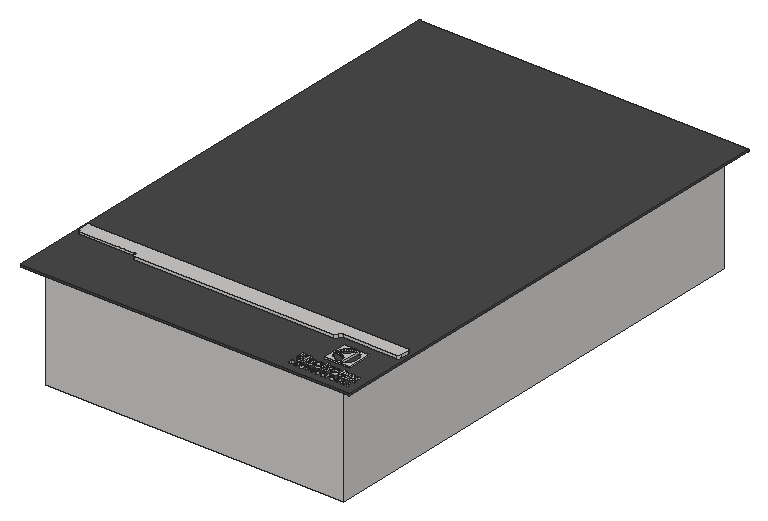
Revit family "QF_ELECTROLUXPROFESSIONAL_600902_E1HAEDOMCU", category Specialty Equipment, Revit 2018 (continued)
Definition of nested family "ELX_Logo_Professional"
  Forms (mm)
    Extrusion 2, solid
      sketch origin (-144.622, -1081.55, 0) x (-1, 0, 0) y (0, -1, 0)
        loop
          line (-146.494, -1073.042) -> (-146.494, -1074.25) -> (-144.576, -1074.25) -> (-144.576, -1070.271) -> (-144.576, -1066.132) -> (-146.494, -1066.132) -> (-146.494, -1070.401)
          arc (-146.494, -1070.401) -> (-147.446, -1072.228) -> (-149.489, -1072.494) r 2.229
          line (-149.489, -1072.494) -> (-149.489, -1074.362)
          arc (-149.489, -1074.362) -> (-147.761, -1074.226) -> (-146.494, -1073.042) r 2.627
        loop
          line (-159.833, -1072.246) -> (-159.833, -1066.131) -> (-161.767, -1066.131) -> (-161.767, -1072.17) -> (-161.767, -1077.359) -> (-159.833, -1077.359) -> (-159.833, -1072.246)
        loop
          line (-165.194, -1069.514) -> (-165.194, -1074.25) -> (-163.245, -1074.25) -> (-163.245, -1071.898) -> (-163.245, -1069.098)
          arc (-163.245, -1069.098) -> (-166.96, -1065.769) -> (-170.687, -1069.085) r 3.745
          line (-170.687, -1069.085) -> (-170.687, -1071.898) -> (-170.687, -1074.25) -> (-168.739, -1074.25) -> (-168.739, -1069.514)
          arc (-168.739, -1069.514) -> (-166.967, -1067.742) -> (-165.194, -1069.514) r 1.772
        loop
          line (-174.654, -1070.416) -> (-172.975, -1068.078) -> (-171.578, -1066.131) -> (-173.656, -1066.131) -> (-175.717, -1068.999) -> (-177.779, -1066.131) -> (-179.857, -1066.131) -> (-178, -1068.728) -> (-176.781, -1070.433) -> (-178.29, -1072.488) -> (-179.583, -1074.25) -> (-177.473, -1074.25) -> (-175.717, -1071.818) -> (-173.945, -1074.25) -> (-171.852, -1074.25) -> (-173.052, -1072.608) -> (-174.654, -1070.416)
        loop
          circle (-154.223, -1070.188) r 2.508
        loop
          circle (-154.223, -1070.188) r 4.42
        loop
          line (-110.224, -1058.542) -> (-111.194, -1058.542)
          arc (-111.194, -1058.542) -> (-112.217, -1059.95) -> (-110.924, -1061.114) r 1.3
          line (-110.924, -1061.114) -> (-109.424, -1061.114) -> (-109.424, -1057.223) -> (-110.224, -1057.223) -> (-110.224, -1058.542)
        loop
          line (-110.224, -1060.379) -> (-110.224, -1059.293) -> (-111.03, -1059.293)
          arc (-111.03, -1059.293) -> (-111.43, -1059.836) -> (-111.03, -1060.379) r 0.569
          line (-111.03, -1060.379) -> (-110.224, -1060.379)
        loop
          line (-116.302, -1058.564) -> (-117.128, -1058.564) -> (-117.934, -1057.223) -> (-118.841, -1057.223) -> (-117.833, -1058.884)
          arc (-117.833, -1058.884) -> (-118.214, -1060.282) -> (-117.028, -1061.114) r 1.26
          line (-117.028, -1061.114) -> (-115.503, -1061.114) -> (-115.503, -1057.223) -> (-116.302, -1057.223) -> (-116.302, -1058.564)
        loop
          line (-116.302, -1060.379) -> (-116.302, -1059.293) -> (-117.109, -1059.293)
          arc (-117.109, -1059.293) -> (-117.508, -1059.836) -> (-117.109, -1060.379) r 0.569
          line (-117.109, -1060.379) -> (-116.302, -1060.379)
        loop
          line (-128.923, -1057.223) -> (-129.723, -1057.223) -> (-129.723, -1058.714) -> (-131.187, -1058.714) -> (-131.187, -1059.514) -> (-129.723, -1059.514) -> (-129.723, -1060.314) -> (-131.327, -1060.314) -> (-131.327, -1061.114) -> (-128.923, -1061.114) -> (-128.923, -1057.223)
        loop
          arc (-134.628, -1058.469) -> (-134.992, -1057.588) -> (-135.874, -1057.223) r 1.246
          line (-135.874, -1057.223) -> (-137.13, -1057.223) -> (-137.13, -1058.023) -> (-135.969, -1058.023)
          arc (-135.969, -1058.023) -> (-135.53, -1058.237) -> (-135.427, -1058.714) r 0.558
          line (-135.427, -1058.714) -> (-136.984, -1058.714) -> (-136.984, -1059.514) -> (-135.427, -1059.514) -> (-135.427, -1060.314) -> (-137.092, -1060.314) -> (-137.092, -1061.114) -> (-134.628, -1061.114) -> (-134.628, -1058.469)
        loop
          line (-152.3, -1057.223) -> (-153.1, -1057.223) -> (-153.1, -1061.114) -> (-152.3, -1061.114) -> (-152.3, -1057.223)
        loop
          line (-164.67, -1057.223) -> (-164.67, -1059.67) -> (-166.45, -1057.223) -> (-167.25, -1057.223) -> (-167.25, -1061.114) -> (-166.42, -1061.114) -> (-166.42, -1058.594) -> (-164.64, -1061.114) -> (-163.84, -1061.114) -> (-163.84, -1057.223) -> (-164.67, -1057.223)
        loop
          line (-170.403, -1057.223) -> (-171.262, -1057.223) -> (-171.641, -1058.063) -> (-173.08, -1058.063) -> (-173.459, -1057.223) -> (-174.317, -1057.223) -> (-172.796, -1061.113) -> (-171.996, -1061.113) -> (-170.403, -1057.223)
        loop
          line (-177.493, -1057.223) -> (-179.789, -1057.223) -> (-179.789, -1058.023) -> (-178.293, -1058.023) -> (-178.293, -1061.114) -> (-177.493, -1061.114) -> (-177.493, -1057.223)
        loop
          line (-172.362, -1059.848) -> (-171.945, -1058.83) -> (-172.76, -1058.83) -> (-172.362, -1059.848)
        loop
          circle (-158.484, -1059.145) r 1.288
        loop
          circle (-158.484, -1059.145) r 2.065
        loop
          arc (-146.04, -1058.095) -> (-146.933, -1057.275) -> (-148.145, -1057.245) r 1.725
          arc (-148.145, -1057.245) -> (-148.965, -1058.02) -> (-148.68, -1059.111) r 1.107
          arc (-148.68, -1059.111) -> (-148.103, -1059.465) -> (-147.486, -1059.746) r 5.523
          arc (-147.486, -1059.746) -> (-147.147, -1060.262) -> (-147.708, -1060.52) r 0.407
          arc (-147.708, -1060.52) -> (-148.045, -1060.315) -> (-148.325, -1060.038) r 1.702
          line (-148.325, -1060.038) -> (-149.011, -1060.45)
          arc (-149.011, -1060.45) -> (-148.578, -1060.911) -> (-148.043, -1061.247) r 2.463
          arc (-148.043, -1061.247) -> (-146.373, -1060.466) -> (-147.42, -1058.949) r 1.207
          spline (-147.42, -1058.949) -> (-147.716, -1058.809) -> (-147.932, -1058.678) -> (-148.077, -1058.557) -> (-148.163, -1058.446) -> (-148.198, -1058.347) -> (-148.192, -1058.258) -> (-148.157, -1058.182) -> (-148.102, -1058.118) -> (-148.037, -1058.068) -> (-147.972, -1058.031) -> (-147.917, -1058.008) -> (-147.883, -1058)
          arc (-147.883, -1058) -> (-147.238, -1058.014) -> (-146.759, -1058.446) r 0.925
          line (-146.759, -1058.446) -> (-146.04, -1058.095)
        loop
          arc (-140.18, -1058.095) -> (-141.073, -1057.275) -> (-142.285, -1057.245) r 1.725
          arc (-142.285, -1057.245) -> (-143.106, -1058.02) -> (-142.821, -1059.111) r 1.107
          arc (-142.821, -1059.111) -> (-142.243, -1059.465) -> (-141.627, -1059.746) r 5.523
          arc (-141.627, -1059.746) -> (-141.287, -1060.262) -> (-141.849, -1060.52) r 0.407
          arc (-141.849, -1060.52) -> (-142.185, -1060.315) -> (-142.466, -1060.038) r 1.702
          line (-142.466, -1060.038) -> (-143.151, -1060.45)
          arc (-143.151, -1060.45) -> (-142.719, -1060.911) -> (-142.183, -1061.247) r 2.463
          arc (-142.183, -1061.247) -> (-140.513, -1060.466) -> (-141.56, -1058.949) r 1.207
          spline (-141.56, -1058.949) -> (-141.856, -1058.809) -> (-142.072, -1058.678) -> (-142.218, -1058.557) -> (-142.303, -1058.446) -> (-142.338, -1058.347) -> (-142.333, -1058.258) -> (-142.298, -1058.182) -> (-142.242, -1058.118) -> (-142.177, -1058.068) -> (-142.112, -1058.031) -> (-142.057, -1058.008) -> (-142.023, -1058)
          arc (-142.023, -1058) -> (-141.378, -1058.014) -> (-140.9, -1058.446) r 0.925
          line (-140.9, -1058.446) -> (-140.18, -1058.095)
        loop
          circle (-123.484, -1059.145) r 1.288
        loop
          circle (-123.484, -1059.145) r 2.065
      from 0 to 1.6
  Dimensions and locks
    aligned and locked: plane 2 to Extrusion 1
    aligned and locked: level to Extrusion 1
Types (2, lengths in mm): name | URL | Manufacturer | Phase | Model | Description
  (no name) | 0 | 0 | 0 | 0 | 0
  Standard | "http://professional.electrolux.com" | "Electrolux Professional" | 1 | "E1HAEDOMCS" | "PLUG-IN INDUCTION DOUBLE ZONE COOK TOP, DROP-IN"
